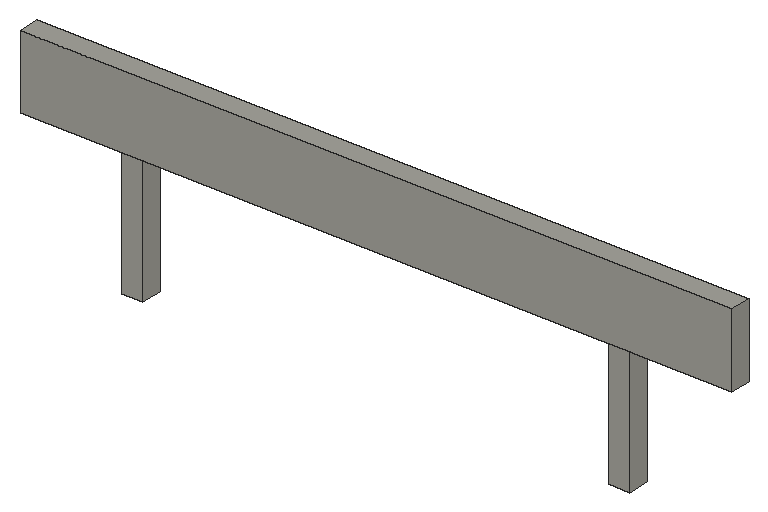
Revit family "Haworth_Belong_ToolRail_SurfaceMount", category Furniture Systems, Revit 2018
Family settings
  Round Connector Dimension = Use Diameter
  Part Type = Normal
  OmniClass Number = 23.40.70.14.64.21
  OmniClass Title = Systems Furniture
  Work Plane-Based = No
  Always vertical = Yes
  Cut with Voids When Loaded = No
  Shared = No
  Room Calculation Point = No
Parameters (values of type "Belong Tool Rail")
  Width = 42"
  Warranty = "http://www.haworth.com/resources/product-info/warranties"
  URL - Product = "http://www.haworth.com/products/accessories/work-tools/belong"
  URL = "www.haworth.com"
  Type Comments = ""
  Sustainability Info = "https://www.haworth.com/na/en/expertise/sustainability.html"
  Size = "Verify Final Dim. w/ Haworth"  # constant formula
  Revision Number = "3"  # constant formula
  Mounting Height [instance] = 30"
  Model = "Haworth - Belong Tools - Rail"  # constant formula
  Min/Max Width = "24-96 in. in 6 in. increments"  # constant formula
  Min. Width = 24"  # constant formula
  Max. Width = 96"  # constant formula
  Manufacturer = "Haworth"  # constant formula
  Frame Finish = Haworth _ Paint _ Gray Tone
  Description = "Haworth - Belong Tools - Rail"  # constant formula
  Custom Size = not(or(Width = 24", Width = 30", Width = 36", Width = 42", Width = 48", Width = 54", Width = 60", Width = 66", Width = 72", Width = 78", Width = 84", Width = 90", Width = 96"))  # no
  Center Post = Width > 60"  # no
  Bracket Spacing = Actual Width - 12"  # 30"
  Author = "SHAPE Environments, LLC"  # constant formula
  Assembly Code = "E2020200"
  Actual Width = if(Width > Max. Width, Max. Width, if(Width < Min. Width, Min. Width, Width))  # 42"
  Actual Height = 28"  # constant formula
  Actual Depth = 1 1/4"  # constant formula
Reference planes (in)
  plane 1 "Center F/B": y = 0
  plane 2: z = 0
  plane 3 "Center L/R": x = 0
  plane 4 "Left": x = -21
  plane 5 "Right": x = 21
  plane 6 "Back": y = 0.625
  plane 7 "Table Height": z = 30
  plane 8 "Front": y = -0.625
  plane 9 "Left Post - Outside": x = -15
  plane 10 "Right Post - Outside": x = 15
  plane 11: z = 37.4375
  plane 12: z = 41.8125
  plane 13 "Left Post - Inside": x = -13.75
  plane 14 "Right Post - Inside": x = 13.75
  plane 15: x = 0.625
  plane 16: x = -0.625
Forms (in)
  Extrusion 1, solid, material "Haworth _ Paint _ Gray Tone" <- "Frame Finish"
    sketch origin (0, 0.625, 0) x (-1, 0, 0) y (0, 0, 1)
      loop
        line (15, 37.4375) -> (13.75, 37.4375) -> (13.75, 30) -> (15, 30) -> (15, 37.4375)
      loop
        line (-13.75, 37.4375) -> (-15, 37.4375) -> (-15, 30) -> (-13.75, 30) -> (-13.75, 37.4375)
    from -1.25 to 0
  Extrusion 2, solid, material "Haworth _ Paint _ Gray Tone" <- "Frame Finish"
    sketch origin (-21, 0, 0) x (0, 0, 1) y (0, -1, 0)
      loop
        line (41.8125, -0.625) -> (41.8125, 0.625) -> (37.4375, 0.625) -> (37.4375, -0.625) -> (41.8125, -0.625)
    from 0 to 42
  Extrusion 3, solid, material "Haworth _ Paint _ Gray Tone" <- "Frame Finish", visible <- "Center Post"
    sketch origin (0, 0, 0) x (1, 0, 0) y (0, 1, 0)
      loop
        line (-0.625, 0.625) -> (-0.625, -0.625) -> (0.625, -0.625) -> (0.625, 0.625) -> (-0.625, 0.625)
    from 30 to 37.4375
Lines and regions (in)
  Masking region 1
    outline origin (0, 0, 0) x (1, 0, 0) y (0, 1, 0)
      loop
        line (-21, 0.625) -> (-21, -0.625) -> (21, -0.625) -> (21, 0.625) -> (-21, 0.625)
  symbolic lines, style "Haworth Hidden", detail levels medium+fine
    curve 1: line (-15, -0.625, 0) -> (-15, 0.625, 0)
    curve 2: line (-13.75, 0.625, 0) -> (-13.75, -0.625, 0)
    curve 3: line (15, -0.625, 0) -> (15, 0.625, 0)
    curve 4: line (13.75, 0.625, 0) -> (13.75, -0.625, 0)
  model lines, style "Haworth"
    curve 5: line (-21, -0.625, 39.625) -> (21, -0.625, 39.625)
    curve 6: line (21, -0.625, 39.375) -> (-21, -0.625, 39.375)
  symbolic lines, style "Haworth Hidden", visible <- "Center Post"
    curve 7: line (-0.625, 0.625, 0) -> (-0.625, -0.625, 0)
    curve 8: line (0.625, 0.625, 0) -> (0.625, -0.625, 0)
Dimensions and locks (in)
  equal spacing: plane 5 "Right", plane 3 "Center L/R", plane 4 "Left"
  "Actual Width": plane 4 "Left" to plane 5 "Right"
  "Actual Depth": plane 6 "Back" to plane 8 "Front"
  "Mounting Height": plane 7 "Table Height" to level
  equal spacing: plane 6 "Back", plane 1 "Center F/B", plane 8 "Front"
  plane 12 to plane 11 to plane 7 "Table Height" = 4 3/8", 7 7/16"
  plane 12 to plane 7 "Table Height" = 11 13/16"
  locked: plane 9 "Left Post - Outside" to plane 4 "Left" at 6
  plane 13 "Left Post - Inside" to plane 9 "Left Post - Outside" = 1 1/4"
  plane 10 "Right Post - Outside" to plane 14 "Right Post - Inside" = 1 1/4"
  locked: plane 5 "Right" to plane 10 "Right Post - Outside" at 6
  aligned and locked: plane 8 "Front" to Masking region 1 sketch curve
  aligned and locked: plane 5 "Right" to Masking region 1 sketch curve
  aligned and locked: plane 4 "Left" to curve 6
  aligned and locked: plane 5 "Right" to curve 5
  aligned and locked: Extrusion 2 to plane 5 "Right"
  aligned and locked: Extrusion 3 sketch curve to plane 6 "Back"
  aligned and locked: Extrusion 3 sketch curve to plane 8 "Front"
  aligned and locked: Extrusion 1 to plane 7 "Table Height"  (x2)
  aligned and locked: Extrusion 3 to plane 7 "Table Height"
  aligned and locked: plane 11 to Extrusion 1  (x2)
  aligned and locked: plane 11 to Extrusion 3
  aligned and locked: plane 9 "Left Post - Outside" to curve 1
  aligned and locked: curve 2 to plane 13 "Left Post - Inside"
  aligned and locked: curve 4 to plane 14 "Right Post - Inside"
  aligned and locked: plane 10 "Right Post - Outside" to curve 3
  aligned and locked: Extrusion 1 to plane 9 "Left Post - Outside"
  aligned and locked: plane 13 "Left Post - Inside" to Extrusion 1
  aligned and locked: Extrusion 1 to plane 14 "Right Post - Inside"
  aligned and locked: plane 10 "Right Post - Outside" to Extrusion 1
  aligned and locked: Extrusion 3 to plane 15
  aligned and locked: plane 16 to Extrusion 3
  aligned and locked: Extrusion 2 to plane 11
  aligned and locked: plane 6 "Back" to Extrusion 2
  aligned and locked: plane 8 "Front" to Extrusion 2
  aligned and locked: plane 12 to Extrusion 2
  aligned and locked: Extrusion 2 to Extrusion 1
Automatic sketch dimensions
  Masking region 1 sketch curve to plane 4 "Left" = 0"
  Masking region 1 sketch curve to plane 6 "Back" = 0"
  Extrusion 1 sketch curve to plane 10 "Right Post - Outside" = 0"
  Extrusion 1 sketch curve to plane 14 "Right Post - Inside" = 0"
  plane 11 to Extrusion 1 sketch curve = 0"  (x2)
  Extrusion 1 sketch curve to plane 13 "Left Post - Inside" = 0"
  Extrusion 1 sketch curve to plane 9 "Left Post - Outside" = 0"
  plane 6 "Back" to Extrusion 2 sketch curve = 0"
  Extrusion 2 sketch curve to plane 11 = 0"
  Extrusion 1 sketch curve to plane 7 "Table Height" = 0"  (x2)
  Extrusion 2 sketch curve to plane 12 = 0"
  plane 8 "Front" to Extrusion 2 sketch curve = 0"
  plane 5 "Right" to curve 6 = 0"
  curve 5 to plane 4 "Left" = 0"
  curve 6 to plane 11 = 1 15/16"
  curve 6 to curve 5 = 1/4"
  Extrusion 3 sketch curve to plane 3 "Center L/R" = 5/8"
  plane 3 "Center L/R" to Extrusion 3 sketch curve = 5/8"
  plane 8 "Front" to curve 7 = 0"
  curve 7 to plane 6 "Back" = 0"
  plane 8 "Front" to curve 8 = 0"
  curve 8 to plane 6 "Back" = 0"
  plane 8 "Front" to curve 1 = 0"
  plane 8 "Front" to curve 4 = 0"
  plane 8 "Front" to curve 2 = 0"
  plane 8 "Front" to curve 3 = 0"
  curve 2 to plane 6 "Back" = 0"
  curve 1 to plane 6 "Back" = 0"
  curve 4 to plane 6 "Back" = 0"
  curve 3 to plane 6 "Back" = 0"
  curve 7 to plane 3 "Center L/R" = 5/8"
  plane 3 "Center L/R" to curve 8 = 5/8"
